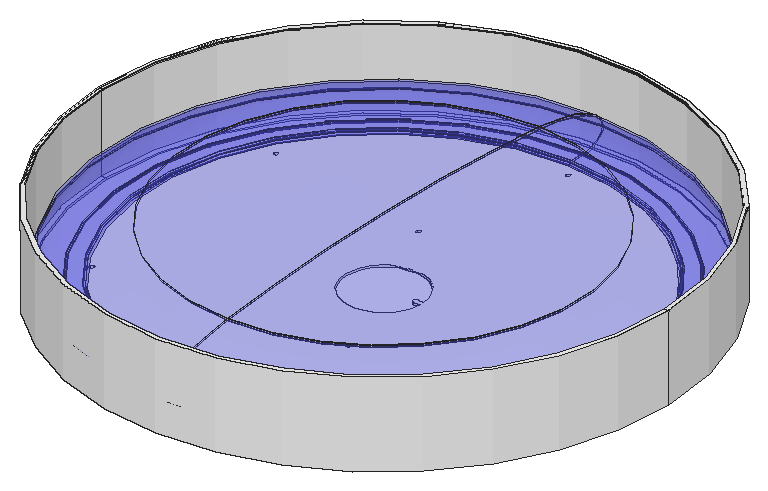
Revit family "BE_50795.2_de_DE", category Leuchten, Revit 2020
Family settings
  Basisbauteil = Fläche
  Bemaßung runder Anschluss = Durchmesser verwenden
  Teiletyp = Normal
  Beim Laden mit Abzugskörper schneiden = Ja
  Lichtquelle = Ja
  Gemeinsam genutzt = Nein
  Raumberechnungspunkt = Ja
Parameters (values of type "BEGA_50795.2_K3")
  built-in parameter 1150104 = 15.525 (stored number, unit not read)
  Wattage = 121.6 W
  Default Elevation = 0 mm
  built-in parameter 1150113 = 1 (stored number, unit not read)
  built-in parameter 1114218 = 1 (stored number, unit not read)
  Umgebungstemperatur = "25 °C"
  URL = "https://www.bega.com/de/produkt/50795.2"
  Typenkommentare = "© 2023 BEGA. Wir behalten uns das Recht vor, technische Änderungen ohne vorherige Ankündigung vorzunehmen."  # constant formula
  built-in parameter 1150134 = (empty or 0)
  built-in parameter 1150109 = 1 (stored number, unit not read)
  built-in parameter 1150110 = 1 (stored number, unit not read)
  Spannung = 239.996 V
  Sonderanfertigung = no
  Seriennummer [instance] = "Hier können Sie die eindeutige Seriennummer für das Facility Management eintragen."
  Schutzklasse = "I"
  Schutzart = "IP 20"
  Scheinlast = 0 VA
  Produktdatenblatt = "https://cdn.bega.com/bega/products/50795.2K3/current/documents/data-sheets/de"
  Neigungswinkel = 0.00°
  Modell = "50795.2K3"
  Material_34 = BEGA_Oberfläche_Samtweiss_matt
  Material_22 = BEGA_Oberfläche_Aluminium_matt
  Material_14 = BEGA_Kunststoff_opal
  M_W = no
  M_G = no
  M_A = no
  Logo = 0
  built-in parameter 1114217 = 1 (stored number, unit not read)
  built-in parameter 1150139 = (empty or 0)
  built-in parameter 1150105 = 1617.1 (stored number, unit not read)
  built-in parameter 1150114 = 1 (stored number, unit not read)
  Lumens = 20320.6 lm
  built-in parameter 1150115 = 1 (stored number, unit not read)
  Leuchtenlichtstrom = "16203 lm"
  Lebensdauerkriterien = "L70B50 @ 25 °C = 200000 h"
  Lastklassifizierung = Beleuchtung
  built-in parameter 1150112 = 1 (stored number, unit not read)
  Lampenlichtstrom = "20320 lm"
  Lampe = "LED 121.6 W"
  LED_Modulbezeichnung = "8 x LED-0690/930"
  Hersteller = "BEGA"  # constant formula
  Gewicht = "57.4 kg"
  Frequenz = "0/50-60 Hz"
  Farbwiedergabeindex = "CRI > 90"
  Farbtemperaturverschiebung bei Dämpfen der Lampe = <Keine Auswahl>
  Farbtemperatur = "3000 K"
  Color Filter = 16777215
  built-in parameter 1150133 = 10 (stored number, unit not read)
  Energieeffizienzklasse = "LED A++ - A"
  built-in parameter 1150137 = (empty or 0)
  built-in parameter 1150132 = (empty or 0)
  ENEC = "ja"
  Dimmbar [instance] = "DALI"
  Datei für fotometrisches Netz = "BE_50795-2K3.IES"
  CE_Konformität = "ja"
  Bestellnummer = "50795.2K3"
  Beschreibung_Sonderanfertigung = "Hier können Sie Informationen zur Sonderanfertigung eintragen."
  Beschreibung = "Großflächen-Deckenleuchte"
  built-in parameter 1150106 = 16.171 (stored number, unit not read)
  Befestigungsbohrung = "Ø 10 mm"
  Befestigungsabstand = ""
  BEGA_Intern_aus = yes
  BEGA_Intern_an = yes
  BEGA_Intern_Konstruktion = yes
  BEGA_Intern = yes
  BEGA_IES = yes
  BEGA_Dummy = no
  Anschlussleistung [instance] = "134 W"
  built-in parameter 1150107 = 3000 (stored number, unit not read)
  built-in parameter 1150102 = (empty or 0)
  built-in parameter 1150138 = (empty or 0)
  Aktualisierung = "2023-07-06T04:00:03"
  AC/DC = "AC/DC"
Reference planes
  plane 1 "Mitte (Vorne/Hinten)": y = 0
  plane 2: z = 0
  plane 3 "Mitte (Links/Rechts)": x = 0
  plane 4 "Links": x = -673.008
  plane 5 "Rechts": x = 673.009
  plane 6 "Unten": y = -672.992
  plane 7 "Oben": y = 673.003
  plane 8 "Vorne": z = 202
  plane 9 "Hinten": z = 0
Forms (mm)
  Extrusion 1, solid, material "BEGA_Platte_Weiss"
    sketch origin (0, -1119.2, 0) x (1, 0, 0) y (0, 1, 0)
      loop
        line (-200, 1319.2) -> (-200, 919.2) -> (200, 919.2) -> (200, 1319.2) -> (-200, 1319.2)
    from 0 to -10
  Extrusion 2, solid, material "BEGA_Dummy_matt", visible <- "BEGA_Dummy"
    sketch origin (77.149, -76.023, 0) x (1, 0, 0) y (0, 1, 0)
      loop
        circle (-77.149, 76.023) r 673.008
    from 0 to 202
Dimensions and locks
  plane 1 "Mitte (Vorne/Hinten)" to Extrusion 1 = 200 mm
  aligned and locked: plane 2 to Extrusion 1
  aligned and locked: level to Extrusion 1
Nested families
  nested 1: "BE_50795.2_Leuchte" at (0, 0, 0), type "BE_50795.2_Leuchte"
Connectors
  electrical at (0, 0, 0), driven by "Lastklassifizierung", driven by "Spannung", driven by "Scheinlast"
    settings: index 1, voltage 239.996 V, apparent load 0 VA, apparent load phase1 0 VA, apparent load phase2 0 VA, apparent load phase3 0 VA, power factor 1, load classification "Beleuchtung", number of poles 1, system type 31, power factor state 1, is connector primary yes, connector utility no, sub classification motor no, connector description ""
Definition of nested family "BE_50795.2_Leuchte"
  Parameters (values of type "BE_50795.2_Leuchte")
    Default Elevation = 1 mm
    URL = "http://www.bega.de/de/produkt"
    Type Comments = "© 2015 BEGA. Wir behalten uns das Recht vor, technische Änderungen ohne vorherige Ankündigung vorzunehmen. "  # constant formula
    Type Image = (empty or 0)
    Material_34 = none
    Material_22 = none
    Material_14 = none
    Länge_Platte = 1500 mm  # constant formula
    Höhe_Platte = -10 mm  # constant formula
    Manufacturer = "BEGA"  # constant formula
    Breite_Platte = 1500 mm  # constant formula
  Reference planes
    plane 1 "Mitte (Oben/Unten)": y = 0
    plane 2: z = 0
    plane 3 "Mitte (Links/Rechts)": x = 0
    plane 4: z = 202
    plane 5: y = -672.992
    plane 6: y = 673.003
    plane 7: x = 673.009
    plane 8: x = -673.008
  Forms (mm)
    Extrusion 1, solid, detail levels medium
      sketch origin (0, 0, 0) x (1, 0, 0) y (0, 1, 0)
        loop
          line (-750, 750) -> (-750, -750) -> (750, -750) -> (750, 750) -> (-750, 750)
      from 0 to -10 <- "Höhe_Platte"
    Extrusion 2, solid, material <- "Material_34"
      sketch origin (0, 0, 0) x (1, 0, 0) y (0, 1, 0)
        loop
          circle (0, 0) r 668
        loop
          arc (89.8, 6) -> (-90, 0) -> (89.8, -6) r 90
          line (89.8, -6) -> (76, -6)
          arc (76, -6) -> (70, 0) -> (76, 6) r 6
          line (76, 6) -> (89.8, 6)
        loop
          circle (-471.984, -272.5) r 5
        loop
          circle (-471.984, 272.5) r 5
        loop
          circle (0, -545) r 5
        loop
          circle (471.984, -272.5) r 5
        loop
          circle (471.984, 272.5) r 5
        loop
          circle (0, 545) r 5
        loop
          circle (-84.286, 208.616) r 5
        loop
          circle (84.286, -208.616) r 5
      from 7 to 11
    Extrusion 3, solid, material <- "Material_34"
      sketch origin (0, 0, 0) x (1, 0, 0) y (0, 1, 0)
        loop
          circle (-471.984, 272.5) r 9.85
        loop
          circle (-471.984, 272.5) r 5
        loop
          circle (-471.984, -272.5) r 9.85
        loop
          circle (-471.984, -272.5) r 5
        loop
          circle (0, -545) r 9.85
        loop
          circle (0, -545) r 5
        loop
          circle (84.286, -208.616) r 9.85
        loop
          circle (84.286, -208.616) r 5
        loop
          circle (471.984, -272.5) r 9.85
        loop
          circle (471.984, -272.5) r 5
        loop
          circle (471.984, 272.5) r 9.85
        loop
          circle (471.984, 272.5) r 5
        loop
          circle (-84.286, 208.616) r 9.85
        loop
          circle (-84.286, 208.616) r 5
        loop
          circle (0, 545) r 9.85
        loop
          circle (0, 545) r 5
      from 0 to 10.359
    Revolve 4, solid, material <- "Material_34"
      sketch origin (0, 0, 0) x (1, 0, 0) y (0, 0, 1)
        loop
          line (671, 2) -> (673, 2) -> (673, 202) -> (664, 202) -> (664, 200.25) -> (671, 200.25) -> (671, 2)
        axis (0, 2) -> (0, 202)
      angle from 0 to 360
    Revolve 5, solid, material <- "Material_22"
      sketch origin (0, 0, 0) x (1, 0, 0) y (0, 0, 1)
        loop
          line (671, 2) -> (671, 200.25) -> (664, 200.25) -> (664, 198.5) -> (669, 198.5) -> (669, 15) -> (655.7, 15) -> (655.7, 11) -> (669, 11) -> (669, 2) -> (671, 2)
        axis (0, 2) -> (0, 200.25)
      angle from 0 to 360
    Revolve 6, solid, material <- "Material_14"
      sketch origin (0, 0, 0) x (0, 1, 0) y (0, 0, 1)
        loop
          line (555.484, 35.05) -> (587.672, 35.05)
          arc (587.672, 35.05) -> (588.431, 34.9) -> (589.077, 34.473) r 2
          line (589.077, 34.473) -> (590.328, 33.222)
          arc (590.328, 33.222) -> (591.89, 32.256) -> (593.719, 32.09) r 4
          spline (593.719, 32.09) -> (601.631, 33.537) -> (609.2, 35.411) -> (616.337, 37.693) -> (622.961, 40.354) -> (628.997, 43.366) -> (634.375, 46.693) -> (639.035, 50.297) -> (642.922, 54.138) -> (645.992, 58.171) -> (648.21, 62.35) -> (649.551, 66.627) -> (650, 70.954)
          spline (650, 70.954) -> (648.553, 79.671) -> (644.225, 88.227) -> (637.053, 96.549) -> (627.099, 104.567) -> (614.446, 112.212) -> (599.202, 119.419) -> (581.498, 126.126) -> (561.484, 132.277) -> (539.331, 137.819) -> (515.226, 142.706) -> (489.376, 146.894) -> (462, 150.35)
          spline (462, 150.35) -> (429.051, 153.759) -> (394.897, 156.891) -> (359.593, 159.74) -> (323.195, 162.301) -> (285.762, 164.571) -> (247.355, 166.546) -> (208.034, 168.222) -> (167.864, 169.597) -> (126.909, 170.669) -> (85.235, 171.436) -> (42.91, 171.896) -> (0, 172.05)
          line (0, 172.05) -> (0, 167.75)
          spline (0, 167.75) -> (42.87, 167.596) -> (85.157, 167.136) -> (126.792, 166.37) -> (167.709, 165.299) -> (207.841, 163.926) -> (247.124, 162.251) -> (285.493, 160.279) -> (322.888, 158.012) -> (359.248, 155.453) -> (394.514, 152.608) -> (428.63, 149.48) -> (461.54, 146.074)
          spline (461.54, 146.074) -> (488.773, 142.638) -> (514.464, 138.474) -> (538.389, 133.623) -> (560.339, 128.133) -> (580.114, 122.056) -> (597.532, 115.457) -> (612.425, 108.414) -> (624.651, 101.033) -> (634.086, 93.439) -> (640.673, 85.807) -> (644.476, 78.308) -> (645.702, 70.954)
          spline (645.702, 70.954) -> (645.345, 67.51) -> (644.252, 64.034) -> (642.388, 60.524) -> (639.717, 57.018) -> (636.239, 53.58) -> (631.972, 50.28) -> (626.961, 47.183) -> (621.27, 44.342) -> (614.971, 41.806) -> (608.136, 39.62) -> (600.854, 37.814) -> (593.217, 36.414)
          line (593.217, 36.414) -> (592.11, 37.521)
          arc (592.11, 37.521) -> (590.126, 38.852) -> (587.789, 39.349) r 6.3
          line (587.789, 39.349) -> (555.479, 39.349)
          arc (555.479, 39.349) -> (552.32, 38.5) -> (550.013, 36.181) r 6.298
          line (550.013, 36.181) -> (546.477, 30.05) -> (551.442, 30.05) -> (553.751, 34.05)
          arc (553.751, 34.05) -> (554.484, 34.782) -> (555.484, 35.05) r 2
        axis (0, 172.05) -> (0, 30.05)
      angle from 0 to 360
  Cuts and joins
    joined: Extrusion 2, Extrusion 3
  Dimensions and locks
    equal spacing: Extrusion 1 sketch curve, plane 3 "Mitte (Links/Rechts)", Extrusion 1 sketch curve
    equal spacing: Extrusion 1 sketch curve, plane 1 "Mitte (Oben/Unten)", Extrusion 1 sketch curve
    "Länge_Platte": Extrusion 1 sketch curve to Extrusion 1 sketch curve
    "Breite_Platte": Extrusion 1 sketch curve to Extrusion 1 sketch curve
    plane 1 "Mitte (Oben/Unten)" to Extrusion 1 = 750 mm  (x3)
    aligned and locked: Extrusion 1 to plane 2
    aligned and locked: Extrusion 1 to level
  Automatic sketch dimensions
    Extrusion 2 sketch curve to Extrusion 2 sketch curve = 0 mm  (x3)
    plane 1 "Mitte (Oben/Unten)" to Extrusion 2 sketch curve = 0 mm  (x2)
    Extrusion 2 sketch curve to plane 3 "Mitte (Links/Rechts)" = 0 mm  (x3)
    plane 1 "Mitte (Oben/Unten)" to Extrusion 2 sketch curve = 6 mm
    Extrusion 2 sketch curve to Extrusion 2 sketch curve = 13.8 mm
    Extrusion 2 sketch curve to plane 3 "Mitte (Links/Rechts)" = 84.286 mm
    Extrusion 2 sketch curve to plane 3 "Mitte (Links/Rechts)" = 471.984 mm
    Extrusion 2 sketch curve to Extrusion 2 sketch curve = 387.697 mm  (x2)
    plane 3 "Mitte (Links/Rechts)" to Extrusion 2 sketch curve = 84.286 mm
    Extrusion 2 sketch curve to Extrusion 2 sketch curve = 382.184 mm
    Extrusion 2 sketch curve to Extrusion 2 sketch curve = 202.616 mm
    plane 1 "Mitte (Oben/Unten)" to Extrusion 2 sketch curve = 272.5 mm  (x2)
    Extrusion 2 sketch curve to Extrusion 2 sketch curve = 336.384 mm  (x2)
    Extrusion 2 sketch curve to plane 1 "Mitte (Oben/Unten)" = 208.616 mm
    Extrusion 2 sketch curve to plane 1 "Mitte (Oben/Unten)" = 272.5 mm  (x2)
    plane 3 "Mitte (Links/Rechts)" to Extrusion 2 sketch curve = 76 mm
    Extrusion 3 sketch curve to Extrusion 3 sketch curve = 0 mm  (x20)
    Extrusion 3 sketch curve to plane 3 "Mitte (Links/Rechts)" = 471.984 mm  (x2)
    Extrusion 3 sketch curve to plane 1 "Mitte (Oben/Unten)" = 272.5 mm  (x2)
    Extrusion 3 sketch curve to Extrusion 3 sketch curve = 5 mm  (x6)
    plane 1 "Mitte (Oben/Unten)" to Extrusion 3 sketch curve = 272.5 mm  (x2)
    Extrusion 3 sketch curve to plane 3 "Mitte (Links/Rechts)" = 0 mm  (x2)
    Extrusion 3 sketch curve to Extrusion 3 sketch curve = 272.5 mm
    Extrusion 3 sketch curve to plane 3 "Mitte (Links/Rechts)" = 5 mm  (x2)
    plane 3 "Mitte (Links/Rechts)" to Extrusion 3 sketch curve = 84.286 mm
    plane 1 "Mitte (Oben/Unten)" to Extrusion 3 sketch curve = 208.616 mm
    Extrusion 3 sketch curve to Extrusion 3 sketch curve = 382.697 mm
    plane 3 "Mitte (Links/Rechts)" to Extrusion 3 sketch curve = 471.984 mm
    Extrusion 3 sketch curve to plane 3 "Mitte (Links/Rechts)" = 84.286 mm
    Extrusion 3 sketch curve to plane 1 "Mitte (Oben/Unten)" = 208.616 mm
    Extrusion 3 sketch curve to Extrusion 3 sketch curve = 336.384 mm
    level to Revolve 4 sketch curve = 200.25 mm
    plane 3 "Mitte (Links/Rechts)" to Revolve 4 sketch curve = 664 mm
    level to Revolve 4 sketch curve = 2 mm
    Revolve 4 sketch curve to Revolve 4 sketch curve = 7 mm
    Revolve 4 sketch curve to Revolve 4 sketch curve = 1.75 mm
    Revolve 4 sketch curve to Revolve 4 sketch curve = 2 mm
    level to Revolve 5 sketch curve = 15 mm
    plane 3 "Mitte (Links/Rechts)" to Revolve 5 sketch curve = 655.7 mm
    Revolve 5 sketch curve to Revolve 5 sketch curve = 5 mm
    Revolve 5 sketch curve to Revolve 5 sketch curve = 0 mm
    Revolve 5 sketch curve to Revolve 5 sketch curve = 4 mm
    level to Revolve 5 sketch curve = 2 mm
    Revolve 5 sketch curve to Revolve 5 sketch curve = 183.5 mm
    Revolve 5 sketch curve to Revolve 5 sketch curve = 2 mm
    Revolve 5 sketch curve to Revolve 5 sketch curve = 8.3 mm
    Revolve 5 sketch curve to Revolve 5 sketch curve = 1.75 mm
    level to Revolve 6 sketch curve = 33.05 mm
    Revolve 6 sketch curve to Revolve 6 sketch curve = 2 mm
    Revolve 6 sketch curve to Revolve 6 sketch curve = 1.732 mm
    level to Revolve 6 sketch curve = 34.05 mm
    Revolve 6 sketch curve to Revolve 6 sketch curve = 0 mm  (x5)
    level to Revolve 6 sketch curve = 30.05 mm
    Revolve 6 sketch curve to Revolve 6 sketch curve = 2.309 mm
    Revolve 6 sketch curve to Revolve 6 sketch curve = 32.188 mm
    Revolve 6 sketch curve to Revolve 6 sketch curve = 4.965 mm
    Revolve 6 sketch curve to Revolve 6 sketch curve = 3.738 mm
    Revolve 6 sketch curve to Revolve 6 sketch curve = 0.005 mm
    Revolve 6 sketch curve to Revolve 6 sketch curve = 0.001 mm
    Revolve 6 sketch curve to Revolve 6 sketch curve = 0.117 mm
    Revolve 6 sketch curve to Revolve 6 sketch curve = 4.471 mm
    Revolve 6 sketch curve to Revolve 6 sketch curve = 4.321 mm
    level to Revolve 6 sketch curve = 36.414 mm
    Revolve 6 sketch curve to Revolve 6 sketch curve = 1.107 mm
    level to Revolve 6 sketch curve = 34.473 mm
    Revolve 6 sketch curve to Revolve 6 sketch curve = 1.405 mm
    Revolve 6 sketch curve to Revolve 6 sketch curve = 0.06 mm
    Revolve 6 sketch curve to Revolve 6 sketch curve = 0.365 mm
    level to Revolve 6 sketch curve = 33.222 mm
    Revolve 6 sketch curve to Revolve 6 sketch curve = 1.252 mm
    Revolve 6 sketch curve to Revolve 6 sketch curve = 3.39 mm
    Revolve 6 sketch curve to Revolve 6 sketch curve = 1.132 mm
    Revolve 6 sketch curve to Revolve 6 sketch curve = 88.013 mm
    level to Revolve 6 sketch curve = 60.767 mm
    Revolve 6 sketch curve to Revolve 6 sketch curve = 151.836 mm
    Revolve 6 sketch curve to Revolve 6 sketch curve = 16.021 mm
    Revolve 6 sketch curve to Revolve 6 sketch curve = 56.769 mm
    Revolve 6 sketch curve to Revolve 6 sketch curve = 0.014 mm
    Revolve 6 sketch curve to Revolve 6 sketch curve = 0.862 mm
    Revolve 6 sketch curve to level = 18.816 mm
    plane 1 "Mitte (Oben/Unten)" to Revolve 6 sketch curve = 319.744 mm
    level to Revolve 6 sketch curve = 37.024 mm
    level to Revolve 6 sketch curve = 167.75 mm
    Revolve 6 sketch curve to Revolve 6 sketch curve = 1.167 mm
    Revolve 6 sketch curve to Revolve 6 sketch curve = 0.46 mm
    Revolve 6 sketch curve to Revolve 6 sketch curve = 1.367 mm
    Revolve 6 sketch curve to Revolve 6 sketch curve = 3.63 mm
    Revolve 6 sketch curve to Revolve 6 sketch curve = 4.276 mm
    Revolve 6 sketch curve to plane 1 "Mitte (Oben/Unten)" = 0 mm  (x2)
    level to Revolve 6 sketch curve = 70.954 mm
    Revolve 6 sketch curve to Revolve 6 sketch curve = 4.298 mm
    Revolve 6 sketch curve to level = 609.6 mm
    Revolve 6 sketch curve to Revolve 6 sketch curve = 2171.757 mm
    radius of Extrusion 2 sketch curve = 668 mm
    radius of Extrusion 2 sketch curve = 5 mm  (x8)
    radius of Extrusion 3 sketch curve = 9.85 mm  (x8)
